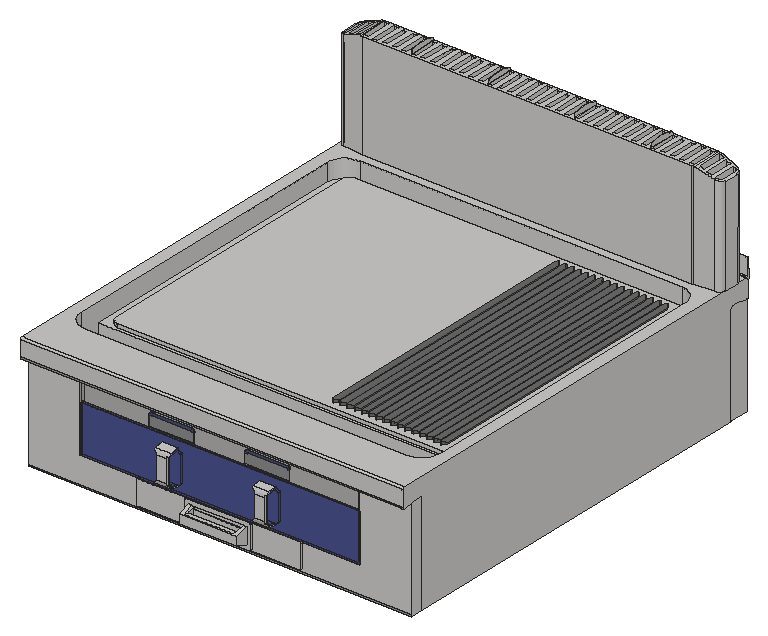
Revit family "QF_ELECTROLUXPROFESSIONAL_593325_MCHNABHOVO", category Specialty Equipment, Revit 2018
Family settings
  Round Connector Dimension = Use Diameter
  Part Type = Normal
  Work Plane-Based = No
  Always vertical = Yes
  Cut with Voids When Loaded = No
  Shared = No
  Room Calculation Point = No
Parameters (values of type "Standard")
  Weight = 120.00 kg
  Watts = 0 W
  Volts = 0 V
  URL Manufacturer = "http://professional.electrolux.com"
  URL = "http://professional.electrolux.com"
  Steam Supply Size = 0"
  Steam Supply Minimum Pressure = 0.00 psi
  Steam Supply Maximum Pressure = 0.00 psi
  Steam Pounds per Hour = 0
  Show Clearance [instance] = yes
  Refrigeration Suction Line Size = 0 mm
  Refrigeration Liquid Line Size = 0 mm
  Refrigerant Compressor Remote = yes
  Phase = 0
  Model = "MCHNABHOVO"
  Manufacturer = "Electrolux Professional"
  Length Actual = 800 mm  # constant formula
  Item Number = "593325"
  Hot Water Size = 0"
  Height Actual = 250 mm  # constant formula
  HP = "0 HP"
  Gas Size = 1/2"
  Gas KW = 20
  Gas Input Pressure = 1.63571 Btu/h
  Direct Waste Size = 0"
  Description = "GAS FRYTOP,RBD,TOWNGAS,2Z,BS,800X900X250"
  Depth Actual = 900 mm  # constant formula
  Cycle = 0 Hz
  Condensate Return Size = 0"
  Compressed Air Volume = 0 GPM
  Compressed Air Size = 0"
  Compressed Air Pressure = 0.00 psi
  Cold Water Size = 0"
  Accessory = yes
Reference planes
  plane 1 "BACK": y = 0
  plane 2: z = 0
  plane 3 "LEFT": x = 0
  plane 4 "RIGHT": x = 800
  plane 5 "FRONT": y = -900
  plane 6 "TOP": z = 250
  plane 7: x = 400
  plane 8: y = -450
  plane 9: z = 481
  plane 10: y = -1330
Forms (mm)
  Extrusion 1, solid, material "QF_Finishes_Stainless Steel"
    sketch origin (0, -487.128, 0) x (0, 1, 0) y (0, 0, 1)
      loop
        line (483.128, 250) -> (-408.872, 250)
        arc (-408.872, 250) -> (-411.7, 248.828) -> (-412.872, 246) r 4
        line (-412.872, 246) -> (-412.872, 214)
        arc (-412.872, 214) -> (-411.443, 210.936) -> (-408.177, 210.061) r 4
        line (-408.177, 210.061) -> (-391.509, 213) -> (-366.872, 213) -> (-366.872, 0) -> (441.128, 0) -> (441.128, 213) -> (465.765, 213) -> (482.433, 210.061)
        arc (482.433, 210.061) -> (485.699, 210.936) -> (487.128, 214) r 4
        line (487.128, 214) -> (487.128, 246)
        arc (487.128, 246) -> (485.956, 248.828) -> (483.128, 250) r 4
    from 0 to 800
  Extrusion 2, void
    sketch origin (653.786, 44.048, 250) x (1, 0, 0) y (0, -1, 0)
      loop
        line (-590.636, 138.048) -> (83.064, 138.048)
        arc (83.064, 138.048) -> (110.04, 149.222) -> (121.214, 176.198) r 38.15
        line (121.214, 176.198) -> (121.214, 816.572)
        arc (121.214, 816.572) -> (109.944, 843.779) -> (82.737, 855.048) r 38.476
        line (82.737, 855.048) -> (-591.786, 855.048)
        arc (-591.786, 855.048) -> (-617.949, 844.211) -> (-628.786, 818.048) r 37
        line (-628.786, 818.048) -> (-628.786, 176.198)
        arc (-628.786, 176.198) -> (-617.613, 149.222) -> (-590.636, 138.048) r 38.15
    from 0 to 37
  Extrusion 3, void
    sketch origin (1307.573, 92.096, 213) x (0, 1, 0) y (1, 0, 0)
      loop
        line (-821.846, -532.573) -> (-864.62, -532.573)
        arc (-864.62, -532.573) -> (-891.827, -543.842) -> (-903.096, -571.049) r 38.476
        line (-903.096, -571.049) -> (-903.096, -1245.573)
        arc (-903.096, -1245.573) -> (-892.259, -1271.736) -> (-866.096, -1282.573) r 37
        line (-866.096, -1282.573) -> (-821.846, -1282.573) -> (-821.846, -532.573)
    from 0 to 25.6
  Extrusion 4, void
    sketch origin (1612.573, 92.096, 187.4) x (-1, 0, 0) y (0, 1, 0)
      loop
        circle (1212.573, -862.096) r 22.248
    from 0 to 92
  Extrusion 5, solid, material "QF_Finishes_Stainless Steel"
    sketch origin (0, -854, 0) x (1, 0, 0) y (0, -1, 0)
      loop
        circle (765, -264) r 6.35
    from 0 to 3.2
  Extrusion 6, solid, material "QF_Door-Drawer Clearances", visible <- "Show Clearance", detail levels coarse
    sketch origin (437.31, -881.593, 8.62) x (0, 0, 1) y (-1, 0, 0)
      loop
        line (1.973, -134.295) -> (49.317, -134.295)
        arc (49.317, -134.295) -> (50.776, -133.691) -> (51.38, -132.232) r 2.063
        line (51.38, -132.232) -> (51.38, 206.852)
        arc (51.38, 206.852) -> (50.88, 208.549) -> (49.541, 209.705) r 3.133
        line (49.541, 209.705) -> (3.067, 209.705)
        arc (3.067, 209.705) -> (0.898, 208.807) -> (0, 206.638) r 3.067
        line (0, 206.638) -> (0, -132.322)
        arc (0, -132.322) -> (0.578, -133.717) -> (1.973, -134.295) r 1.973
    from 0 to 448.407
  Extrusion 7, solid, material "QF_Clearances", visible <- "Show Clearance", detail levels coarse
    sketch origin (-178.969, -4572, 0) x (-1, 0, 0) y (0, -1, 0)
      loop
        line (-78.969, -3672) -> (-178.969, -3672) -> (-178.969, -4572) -> (-978.969, -4572) -> (-978.969, -3672) -> (-1078.969, -3672) -> (-1078.969, -4672) -> (-78.969, -4672) -> (-78.969, -3672)
    from 0 to 250
  Extrusion 8, solid, material "QF_Finishes_Stainless Steel"
    sketch origin (0, 0, 0) x (0, 1, 0) y (0, 0, 1)
      loop
        line (-2.951, 1.994) -> (-2.951, 210.127)
        arc (-2.951, 210.127) -> (-3.795, 210.003) -> (-4.646, 210.061) r 4
        line (-4.646, 210.061) -> (-21.287, 212.994) -> (-45, 212.994) -> (-45, -0.006) -> (-4.951, -0.006)
        arc (-4.951, -0.006) -> (-3.537, 0.58) -> (-2.951, 1.994) r 2
      loop
        arc (-1.951, 252) -> (-2.537, 250.586) -> (-3.951, 250) r 2
        arc (-3.951, 250) -> (-1.172, 248.823) -> (0, 245.994) r 4
        line (0, 245.994) -> (0, 288) -> (-1.951, 288) -> (-1.951, 252)
    from 800 to 0
Cuts and joins
  Extrusion 2, Extrusion 3, Extrusion 4 cuts Extrusion 1
Lines and regions (mm)
  symbolic lines
    curve 1: line (493.666, -902.326, 0) -> (493.666, -900, 0)
    curve 2: spline (499.334, -903.73, 0) -> (498.856, -903.657, 0) -> (498.378, -903.575, 0) -> (497.901, -903.486, 0) -> (497.425, -903.389, 0) -> (496.95, -903.283, 0) -> (496.476, -903.17, 0) -> (496.004, -903.049, 0) -> (495.533, -902.92, 0) -> (495.064, -902.783, 0) -> (494.596, -902.638, 0) -> (494.13, -902.486, 0) -> (493.666, -902.326, 0)
    curve 3: line (525.881, -902.326, 0) -> (525.881, -900, 0)
    curve 4: spline (525.881, -902.326, 0) -> (525.417, -902.486, 0) -> (524.951, -902.638, 0) -> (524.483, -902.783, 0) -> (524.014, -902.92, 0) -> (523.543, -903.049, 0) -> (523.071, -903.17, 0) -> (522.597, -903.283, 0) -> (522.122, -903.389, 0) -> (521.646, -903.486, 0) -> (521.169, -903.575, 0) -> (520.691, -903.657, 0) -> (520.213, -903.73, 0)
    curve 5: line (499.334, -903.73, 0) -> (520.213, -903.73, 0)
    curve 6: line (25, -774, 0) -> (25, -132.15, 0)
    curve 7: arc (25, -132.15, 0) -> (36.174, -105.174, 0) -> (63.15, -94, 0) r 38.15
    curve 8: line (63.15, -94, 0) -> (736.85, -94, 0)
    curve 9: arc (736.85, -94, 0) -> (763.826, -105.174, 0) -> (775, -132.15, 0) r 38.15
    curve 10: line (775, -132.15, 0) -> (775, -772.524, 0)
    curve 11: arc (775, -772.524, 0) -> (763.731, -799.731, 0) -> (736.524, -811, 0) r 38.476
    curve 12: line (736.524, -811, 0) -> (62, -811, 0)
    curve 13: arc (62, -811, 0) -> (35.837, -800.163, 0) -> (25, -774, 0) r 37
    curve 14: line (775, -729.75, 0) -> (25, -729.75, 0)
    curve 15: circle (400, -770, 0) r 22.248 normal (0, 0, -1)
    curve 16: line (0, 0, 0) -> (800, 0, 0)
    curve 17: line (0, -900, 0) -> (0, 0, 0)
    curve 18: line (800, -900, 0) -> (0, -900, 0)
    curve 19: line (800, 0, 0) -> (800, -900, 0)
    curve 20: line (347.608, -908.767, 0) -> (450.042, -908.767, 0)
    curve 21: line (450.042, -908.767, 0) -> (451.588, -900, 0)
    curve 22: line (347.608, -908.767, 0) -> (346.062, -900, 0)
    curve 29: line (0, -1.951, 0) -> (800, -1.951, 0)
  symbolic lines, style "QF_Door-Drawer Clearances"
    curve 23: line (227.605, -1330, 0) -> (227.605, -900, 0)
    curve 24: line (227.605, -1330, 0) -> (571.605, -1330, 0)
    curve 25: line (571.605, -1330, 0) -> (571.605, -900, 0)
  symbolic lines, style "QF_Clearances", visible <- "Show Clearance", detail levels coarse
    curve 26: line (-100, 100, 0) -> (-100, -900, 0)
    curve 27: line (900, 100, 0) -> (-100, 100, 0)
    curve 28: line (900, -900, 0) -> (900, 100, 0)
Dimensions and locks
  plane 3 "LEFT" to plane 4 "RIGHT" = 800 mm
  plane 5 "FRONT" to plane 1 "BACK" = 900 mm
  equal spacing: plane 3 "LEFT", plane 7, plane 4 "RIGHT"
  equal spacing: plane 5 "FRONT", plane 8, plane 1 "BACK"
  plane 6 "TOP" to level = 250 mm  (x2)
  plane 1 "BACK" to plane 5 "FRONT" = 900 mm
  Extrusion 5 sketch curve to plane 1 "BACK" = 590 mm
  Extrusion 5 sketch curve to plane 4 "RIGHT" = 35 mm
  plane 5 "FRONT" to plane 10 = 430 mm
  plane 9 to plane 6 "TOP" = 231 mm
  plane 9 to level = 481 mm
  Extrusion 7 to plane 3 "LEFT" = 100 mm
  plane 4 "RIGHT" to Extrusion 7 = 100 mm
  plane 1 "BACK" to Extrusion 7 = 100 mm
  aligned and locked: level to plane 2
  aligned and locked: Extrusion 6 to plane 10
  aligned and locked: plane 6 "TOP" to Extrusion 7
  aligned and locked: cut or joined group of Extrusion 1, Extrusion 2, Extrusion 3, Extrusion 4 to plane 4 "RIGHT"
  aligned and locked: plane 7 to nested 1
  aligned and locked: plane 7 to nested 2
  aligned and locked: Extrusion 8 to plane 4 "RIGHT"
  aligned and locked: plane 7 to nested 3
Automatic sketch dimensions
  Extrusion 1 to Extrusion 2 sketch curve = 90 mm
  Extrusion 1 to Extrusion 2 sketch curve = 122 mm
  Extrusion 1 to Extrusion 2 sketch curve = 25 mm
  Extrusion 2 sketch curve to Extrusion 2 sketch curve = 38.15 mm  (x2)
  Extrusion 1 to Extrusion 2 sketch curve = 123.476 mm
  Extrusion 1 to Extrusion 2 sketch curve = 85 mm
  Extrusion 2 sketch curve to Extrusion 2 sketch curve = 674.524 mm
  Extrusion 1 sketch curve to plane 5 "FRONT" = 0 mm
  Extrusion 1 sketch curve to plane 6 "TOP" = 0 mm
  Extrusion 1 sketch curve to level = 0 mm
  Extrusion 1 sketch curve to plane 1 "BACK" = 0 mm
  Extrusion 1 sketch curve to plane 6 "TOP" = 37 mm  (x2)
  Extrusion 1 sketch curve to plane 5 "FRONT" = 4 mm
  Extrusion 1 sketch curve to plane 5 "FRONT" = 21.363 mm
  Extrusion 1 sketch curve to plane 5 "FRONT" = 46 mm
  plane 1 "BACK" to Extrusion 1 sketch curve = 21.363 mm
  plane 1 "BACK" to Extrusion 1 sketch curve = 4 mm  (x2)
  Extrusion 1 sketch curve to Extrusion 1 sketch curve = 4 mm
  Extrusion 1 sketch curve to Extrusion 1 sketch curve = 0.695 mm
  Extrusion 1 sketch curve to Extrusion 1 sketch curve = 0 mm  (x4)
  plane 1 "BACK" to Extrusion 1 sketch curve = 4.695 mm
  Extrusion 1 sketch curve to Extrusion 1 sketch curve = 1 mm  (x2)
  plane 1 "BACK" to Extrusion 1 sketch curve = 46 mm
  Extrusion 3 sketch curve to Extrusion 2 = 81.25 mm
  Extrusion 2 to Extrusion 3 sketch curve = 0 mm  (x2)
  Extrusion 3 sketch curve to Extrusion 3 sketch curve = 37 mm
  Extrusion 3 sketch curve to Extrusion 3 sketch curve = 674.524 mm
  Extrusion 3 sketch curve to Extrusion 2 = 38.476 mm
  Extrusion 4 sketch curve to Extrusion 3 = 41 mm
  Extrusion 4 sketch curve to Extrusion 3 = 375 mm
  plane 1 "BACK" to Extrusion 7 sketch curve = 0 mm
  plane 5 "FRONT" to Extrusion 7 sketch curve = 0 mm  (x2)
  Extrusion 7 sketch curve to plane 4 "RIGHT" = 100 mm
  Extrusion 7 sketch curve to plane 1 "BACK" = 100 mm
  Extrusion 7 sketch curve to plane 3 "LEFT" = 100 mm
  Extrusion 7 sketch curve to plane 3 "LEFT" = 0 mm
  Extrusion 7 sketch curve to plane 4 "RIGHT" = 0 mm
  level to Extrusion 6 sketch curve = 8.62 mm
  level to Extrusion 6 sketch curve = 57.937 mm
  plane 7 to Extrusion 6 sketch curve = 171.605 mm
  Extrusion 6 sketch curve to Extrusion 6 sketch curve = 1.973 mm
  Extrusion 6 sketch curve to Extrusion 6 sketch curve = 3.067 mm
  Extrusion 6 sketch curve to Extrusion 6 sketch curve = 46.474 mm
  Extrusion 6 sketch curve to Extrusion 6 sketch curve = 2.063 mm
  Extrusion 6 sketch curve to Extrusion 6 sketch curve = 3.133 mm
  Extrusion 6 sketch curve to plane 7 = 169.328 mm
  Extrusion 8 sketch curve to plane 1 "BACK" = 0 mm  (x2)
  Extrusion 8 sketch curve to level = 0.006 mm
  Extrusion 8 sketch curve to plane 6 "TOP" = 0 mm
  Extrusion 8 sketch curve to Extrusion 8 sketch curve = 1.951 mm
  plane 1 "BACK" to Extrusion 8 sketch curve = 2.951 mm
  Extrusion 8 sketch curve to Extrusion 8 sketch curve = 2 mm  (x2)
  Extrusion 8 sketch curve to Extrusion 8 sketch curve = 18.335 mm
  Extrusion 8 sketch curve to Extrusion 8 sketch curve = 40.049 mm
  Extrusion 8 sketch curve to Extrusion 8 sketch curve = 1.695 mm
  Extrusion 8 sketch curve to Extrusion 8 sketch curve = 0 mm  (x3)
  Extrusion 8 sketch curve to Extrusion 8 sketch curve = 4 mm
  plane 1 "BACK" to Extrusion 8 sketch curve = 3.951 mm
  Extrusion 8 sketch curve to plane 6 "TOP" = 39.873 mm
  Extrusion 8 sketch curve to plane 6 "TOP" = 37.006 mm
  Extrusion 8 sketch curve to Extrusion 8 sketch curve = 36 mm
  Extrusion 8 sketch curve to Extrusion 8 sketch curve = 0.066 mm
  Extrusion 8 sketch curve to plane 6 "TOP" = 4.006 mm
  plane 1 "BACK" to curve 16 = 0 mm
  curve 25 to plane 10 = 0 mm
  curve 17 to plane 3 "LEFT" = 0 mm
  plane 5 "FRONT" to curve 18 = 0 mm
  plane 5 "FRONT" to curve 28 = 0 mm
  curve 29 to plane 4 "RIGHT" = 0 mm
  curve 15 to plane 7 = 0 mm
  plane 5 "FRONT" to curve 26 = 0 mm
  curve 27 to plane 4 "RIGHT" = 100 mm
  plane 4 "RIGHT" to curve 10 = 25 mm
  curve 10 to curve 12 = 38.476 mm
  plane 7 to curve 25 = 171.605 mm
  plane 5 "FRONT" to curve 3 = 2.326 mm
  curve 25 to curve 3 = 45.724 mm
  plane 5 "FRONT" to curve 5 = 3.73 mm
  curve 4 to curve 5 = 5.669 mm
  curve 5 to curve 5 = 20.878 mm
  plane 5 "FRONT" to curve 1 = 2.326 mm
  curve 2 to curve 1 = 5.669 mm
  plane 5 "FRONT" to curve 21 = 8.767 mm
  curve 2 to curve 21 = 43.623 mm
  curve 22 to plane 7 = 52.392 mm
  curve 23 to plane 7 = 172.395 mm
  plane 3 "LEFT" to curve 12 = 62 mm
  plane 3 "LEFT" to curve 6 = 25 mm
  curve 27 to plane 3 "LEFT" = 100 mm
  curve 3 to curve 4 = 9.839 mm
  plane 5 "FRONT" to curve 2 = 4.032 mm
  curve 2 to curve 5 = 4.17 mm
  curve 21 to curve 20 = 1.546 mm
  curve 20 to curve 22 = 1.546 mm
  curve 26 to plane 1 "BACK" = 100 mm
  plane 1 "BACK" to curve 8 = 94 mm
  plane 1 "BACK" to curve 29 = 1.951 mm
  curve 15 to plane 5 "FRONT" = 130 mm
  curve 2 to curve 4 = 0 mm
  plane 4 "RIGHT" to curve 8 = 63.15 mm
  plane 1 "BACK" to curve 6 = 132.15 mm
  curve 10 to plane 5 "FRONT" = 127.476 mm
  curve 14 to curve 13 = 44.25 mm
  radius of Extrusion 4 sketch curve = 22.248 mm
  radius of Extrusion 5 sketch curve = 6.35 mm
  radius of curve 15 = 22.248 mm
Nested families
  nested 1: "GG_900_800 Front Panel with Center Grease Trap" at (0, -854, -650), type "GG_900_800 Front Panel with Center Grease Trap"
  nested 2: "GG_900_Backsplash for 800 fryer" at (388.888, -5, -635.571), type "GG_900_Backsplash for 800 fryer"
  nested 3: "GG_900_800 mm Half Grate" at (400, -411.875, -675), type "GG_900_800 mm Half Grate"
Connectors
  piping at (765, -590, -3.2), diameter 12.8
    settings: on Extrusion 5, index 1, connector inside diameter 0.50394", connector length 0 mm, flow factor 0, pipe flow 0 GPM, pressure drop 0.00 psi, fitting loss kfactor 0, connector angle 0.00°, fixture units 0, engagement length 0 mm, angle of deflection 0.00°, flow configuration 1, flow direction 1, fitting loss method 0, system type 7, joint type 0, gender type 0, connector reference index -1, connector utility 0, adjustable connector no, is connector primary yes, connector description "GAS CONNECTION"
Definition of nested family "GG_900_800 Front Panel with Center Grease Trap"
  Reference planes
    plane 1 "Center (Front/Back)": y = 0
    plane 2: z = 0
    plane 3 "Center (Left/Right)": x = 0
    plane 4: y = -26.492
    plane 5: x = 400
    plane 6: x = 522.091
    plane 7: x = 319.468
  Forms (mm)
    Extrusion 1, solid
      sketch origin (1033.217, 829.203, -1.25) x (0, 1, 0) y (0, 0, 1)
        loop
          arc (-854.203, 654.25) -> (-853.324, 652.129) -> (-851.203, 651.25) r 3
          line (-851.203, 651.25) -> (-829.203, 651.25) -> (-829.203, 864.25) -> (-854.203, 864.25) -> (-854.203, 654.25)
      from -1033.217 to -233.217
    Extrusion 2, void
      sketch origin (1033.217, 829.203, -1.25) x (1, 0, 0) y (0, 0, 1)
        loop
          line (-341.217, 853.25) -> (-925.217, 853.25) -> (-925.217, 711.25) -> (-341.217, 711.25) -> (-341.217, 853.25)
      from 843.409 to 854.203
  Cuts and joins
    Extrusion 2 cuts Extrusion 1
  Dimensions and locks
    cut or joined group of Extrusion 1, Extrusion 2 to cut or joined group of Extrusion 1, Extrusion 2 = 108 mm
    nested 2 to plane 3 "Center (Left/Right)" = 108 mm
    nested 2 to plane 3 "Center (Left/Right)" = 252.97 mm
    cut or joined group of Extrusion 1, Extrusion 2 to nested 2 = 253.275 mm
    cut or joined group of Extrusion 1, Extrusion 2 to nested 4 = 297.909 mm
    nested 3 to plane 3 "Center (Left/Right)" = 298.218 mm
    aligned and locked: nested 1 to nested 2
  Nested families
    nested 1: "grease trap door" at (467.599, -25, 0.608) x (-1, 0, 0) z (0, 0, 1), type "grease trap door"
    nested 2: "Long Glass Control Panel w-Two Reads" at (108, -25, 5.811), type "Long Glass Control Panel w-Two Reads"
    nested 3: "Range Control Handle" at (298.218, -28.137, -207.75), type "Range Control Handle"
    nested 4: "Range Control Handle" at (502.091, -28.137, -207.75), type "Range Control Handle"
  Definition of nested family "grease trap door"
    Reference planes
      plane 1 "Center (Front/Back)": y = 0
      plane 2: z = 0
      plane 3 "Center (Left/Right)": x = 0
    Forms (mm)
      Extrusion 1, solid
        sketch origin (1627.55, 854.203, -1.25) x (1, 0, 0) y (0, 0, 1)
          loop
            arc (-1627.55, 661.235) -> (-1626.972, 659.84) -> (-1625.577, 659.262) r 1.973
            line (-1625.577, 659.262) -> (-1494.325, 659.262)
            arc (-1494.325, 659.262) -> (-1492.156, 660.16) -> (-1491.258, 662.329) r 3.067
            line (-1491.258, 662.329) -> (-1491.258, 708.803)
            arc (-1491.258, 708.803) -> (-1492.414, 710.143) -> (-1494.111, 710.642) r 3.133
            line (-1494.111, 710.642) -> (-1625.486, 710.642)
            arc (-1625.486, 710.642) -> (-1626.945, 710.038) -> (-1627.55, 708.579) r 2.063
            line (-1627.55, 708.579) -> (-1627.55, 661.235)
        from 856.795 to 859.203
      Extrusion 2, solid
        sketch origin (445.874, 2476.61, 0) x (0, 1, 0) y (0, 0, 1)
          loop
            line (-2506.377, 675.273) -> (-2481.61, 667.505) -> (-2481.61, 700.995) -> (-2506.377, 693.227) -> (-2506.377, 675.273)
        from -437.68 to -317.68
      Extrusion 3, void
        sketch origin (1627.55, 854.203, -1.25) x (1, 0, 0) y (0, 0, 1)
          loop
            line (-1614.883, 703) -> (-1610.542, 695.433) -> (-1508.17, 695.433) -> (-1503.828, 703) -> (-1614.883, 703)
          loop
            line (-1614.883, 668) -> (-1502.669, 668) -> (-1507.01, 675.567) -> (-1610.542, 675.567) -> (-1614.883, 668)
        from 832.916 to 883.97
      Extrusion 4, void
        sketch origin (447.55, 854.203, -1.25) x (1, 0, 0) y (0, 0, 1)
          loop
            line (-430.542, 695.433) -> (-430.542, 675.567) -> (-328.17, 675.567) -> (-328.17, 695.433) -> (-430.542, 695.433)
        from 859.203 to 874.202
      Extrusion 5, solid
        sketch origin (1627.55, 854.203, -1.25) x (1, 0, 0) y (0, 0, 1)
          loop
            arc (-1731.556, 661.235) -> (-1730.978, 659.84) -> (-1729.583, 659.262) r 1.973
            line (-1729.583, 659.262) -> (-1390.623, 659.262)
            arc (-1390.623, 659.262) -> (-1388.454, 660.16) -> (-1387.556, 662.329) r 3.067
            line (-1387.556, 662.329) -> (-1387.556, 708.803)
            arc (-1387.556, 708.803) -> (-1388.712, 710.143) -> (-1390.409, 710.642) r 3.133
            line (-1390.409, 710.642) -> (-1729.493, 710.642)
            arc (-1729.493, 710.642) -> (-1730.952, 710.038) -> (-1731.556, 708.579) r 2.063
            line (-1731.556, 708.579) -> (-1731.556, 661.235)
        from 854.203 to 856.795
    Cuts and joins
      Extrusion 3 cuts Extrusion 1
      Extrusion 3, Extrusion 4 cuts Extrusion 2
      joined: Extrusion 1, Extrusion 2
    Lines and regions (mm)
      symbolic lines
        curve 1: line (0, -2.593, 0) -> (136.292, -2.593, 0)
        curve 2: line (17.557, -29.767, 0) -> (12.667, -2.593, 0)
        curve 3: line (17.557, -29.767, 0) -> (119.991, -29.767, 0)
        curve 4: line (119.991, -29.767, 0) -> (124.881, -2.593, 0)
        curve 5: line (68.146, -2.593, 0) -> (68.146, -29.767, 0)
      model lines
        curve 6: line (67.599, 0, 658.012) -> (67.599, 0, 709.392)
    Dimensions and locks
      aligned and locked: Extrusion 2 to Extrusion 1
      aligned and locked: Extrusion 3 to Extrusion 2
      aligned and locked: Extrusion 4 to Extrusion 1
  Definition of nested family "Long Glass Control Panel w-Two Reads"
    Reference planes
      plane 1 "Center (Front/Back)": y = 0
      plane 2: z = 0
      plane 3 "Center (Left/Right)": x = 0
      plane 4: x = 584
      plane 5: x = 581.091
      plane 6: x = 350
      plane 7: x = 233.749
      plane 8 "Top": z = 846.189
      plane 9 "Center": x = 292
    Forms (mm)
      Extrusion 1, solid
        sketch origin (550.286, 304.8, -4.308) x (1, 0, 0) y (0, 0, 1)
          loop
            line (-550.286, 806.791) -> (-550.286, 708.497) -> (33.714, 708.497) -> (33.714, 806.791) -> (-550.286, 806.791)
        from 300.031 to 304.8
      Extrusion 2, solid
        sketch origin (550.286, 304.8, -4.308) x (1, 0, 0) y (0, 0, 1)
          loop
            line (-550.286, 850.497) -> (-550.286, 806.791) -> (33.714, 806.791) -> (33.714, 850.497) -> (-550.286, 850.497)
        from 300.031 to 304.8
      Extrusion 3, solid
        sketch origin (550.286, 305.901, -4.308) x (1, 0, 0) y (0, 0, 1)
          loop
            line (-311.561, 812.62) -> (-311.561, 834.177) -> (-316.37, 834.177) -> (-318.169, 835.977) -> (-398.599, 835.977) -> (-400.399, 834.177) -> (-405.316, 834.177) -> (-405.316, 812.62) -> (-311.561, 812.62)
          loop
            line (-111.561, 812.62) -> (-111.561, 834.177) -> (-116.37, 834.177) -> (-118.169, 835.977) -> (-198.599, 835.977) -> (-200.399, 834.177) -> (-205.316, 834.177) -> (-205.316, 812.62) -> (-111.561, 812.62)
        from 304.798 to 306.745
      Extrusion 4, solid
        sketch origin (550.286, 305.901, -4.308) x (1, 0, 0) y (0, 0, 1)
          loop
            line (-318.121, 835.977) -> (-316.321, 834.177) -> (-311.611, 834.177)
            arc (-311.611, 834.177) -> (-312.787, 838.752) -> (-317.062, 840.763) r 5.549
            line (-317.062, 840.763) -> (-399.768, 840.763)
            arc (-399.768, 840.763) -> (-404.024, 838.747) -> (-405.16, 834.177) r 5.5
            line (-405.16, 834.177) -> (-400.351, 834.177) -> (-398.551, 835.977) -> (-318.121, 835.977)
          loop
            line (-200.222, 834.177) -> (-198.422, 835.977) -> (-117.993, 835.977) -> (-116.193, 834.177) -> (-111.482, 834.177)
            arc (-111.482, 834.177) -> (-112.659, 838.752) -> (-116.934, 840.763) r 5.549
            line (-116.934, 840.763) -> (-199.639, 840.763)
            arc (-199.639, 840.763) -> (-203.895, 838.747) -> (-205.031, 834.177) r 5.5
            line (-205.031, 834.177) -> (-200.222, 834.177)
        from 304.798 to 306.745
      Extrusion 5, void
        sketch origin (550.286, 304.8, -4.308) x (1, 0, 0) y (0, 0, 1)
          loop
            line (-547.628, 847.565) -> (-547.628, 710.699) -> (30.804, 710.699) -> (30.804, 847.565) -> (-547.628, 847.565)
        from 303.697 to 304.8
    Cuts and joins
      Extrusion 5 cuts Extrusion 1
      Extrusion 5 cuts Extrusion 2
      Extrusion 5 cuts Extrusion 3
      Extrusion 5 cuts Extrusion 4
    Lines and regions (mm)
      symbolic lines
        curve 1: line (0, 4.769, 0) -> (584, 4.769, 0)
    Dimensions and locks
      plane 4 to plane 3 "Center (Left/Right)" = 584 mm
      locked: plane 4 to plane 5 at 2.909
      plane 4 to plane 6 = 234 mm
      plane 7 to plane 3 "Center (Left/Right)" = 233.749 mm
      aligned and locked: Extrusion 1 to Extrusion 2
      aligned and locked: Extrusion 3 to Extrusion 4
  Definition of nested family "Range Control Handle"
    Reference planes
      plane 1 "Center (Front/Back)": y = 0
      plane 2: z = 0
      plane 3 "Center (Left/Right)": x = 0
      plane 4: z = 971.092
    Forms (mm)
      Extrusion 1, solid
        sketch origin (-746.28, 380.497, 208.931) x (-1, 0, 0) y (0, 0, 1)
          loop
            line (-770.101, 786.798) -> (-770.101, 731.649)
            arc (-770.101, 731.649) -> (-769.759, 730.563) -> (-768.855, 729.87) r 1.893
            line (-768.855, 729.87) -> (-763.474, 727.911) -> (-729.81, 727.911) -> (-724.428, 729.87)
            arc (-724.428, 729.87) -> (-723.525, 730.563) -> (-723.183, 731.649) r 1.893
            line (-723.183, 731.649) -> (-723.183, 786.798)
            arc (-723.183, 786.798) -> (-723.529, 787.894) -> (-724.44, 788.593) r 1.91
            line (-724.44, 788.593) -> (-729.683, 790.819) -> (-763.601, 790.819) -> (-768.844, 788.593)
            arc (-768.844, 788.593) -> (-769.755, 787.894) -> (-770.101, 786.798) r 1.91
        from -382.35 to -378.852
      Sweep 2, solid
        path origin (-746.788, 380.496, 208.091) x (0, -1, 0) y (0, 0, 1)
          loop
            line (379.775, 793.281) -> (395.661, 791.048)
            arc (395.661, 791.048) -> (397.781, 787.377) -> (398.517, 783.202) r 12.207
            line (398.517, 783.202) -> (398.517, 737.368)
            arc (398.517, 737.368) -> (397.781, 733.193) -> (395.661, 729.522) r 12.207
            line (395.661, 729.522) -> (379.775, 727.289)
        profile origin (-746.788, -7.222, 1000.256) x (0, -0.139173, 0.990268) y (-1, 0, 0)
          loop
            line (0.782, -763.123) -> (0.782, -730.907) -> (-1.322, -730.907) -> (-1.322, -763.123) -> (0.782, -763.123)
      Sweep 3, solid
        path origin (-746.788, 380.715, 207.832) x (0, -1, 0) y (0, 0, 1)
          loop
            line (380.478, 795.442) -> (397.218, 793.09)
            arc (397.218, 793.09) -> (399.929, 788.473) -> (400.871, 783.202) r 15.207
            line (400.871, 783.202) -> (400.871, 737.584)
            arc (400.871, 737.584) -> (399.914, 732.274) -> (397.164, 727.633) r 15.207
            line (397.164, 727.633) -> (380.601, 725.305)
        profile origin (-746.788, -8.132, 1002.099) x (0, -0.139173, 0.990268) y (-1, 0, 0)
          loop
            line (0.782, -763.123) -> (0.782, -730.907) -> (-1.322, -730.907) -> (-1.322, -763.123) -> (0.782, -763.123)
      Extrusion 4, void
        sketch origin (889.253, 220.666, 207.993) x (1, 0, 0) y (0, 0, 1)
          loop
            line (-943.038, 816.854) -> (-943.038, 703.686) -> (-899.466, 734.196) -> (-899.466, 786.344) -> (-943.038, 816.854)
        from 230.636 to 242.25
      Extrusion 5, void
        sketch origin (-888.8, 220.666, 207.993) x (-1, 0, 0) y (0, 0, -1)
          loop
            line (-943.038, -816.854) -> (-899.466, -786.344) -> (-899.466, -734.196) -> (-943.038, -703.686) -> (-943.038, -816.854)
        from 230.636 to 242.25
      Extrusion 6, solid
        sketch origin (0, 0, 0) x (1, 0, 0) y (0, 0, 1)
          loop
            circle (0, 971.092) r 7.736
        from -3.137 to -1.645
    Cuts and joins
      Extrusion 4, Extrusion 5 cuts Sweep 3
      Extrusion 4, Extrusion 5 cuts Sweep 2
      joined: Extrusion 1, Extrusion 6
    Lines and regions (mm)
      symbolic lines
        curve 1: line (23.821, 1.645, 0) -> (-23.097, 1.645, 0)
        curve 2: line (16.334, -1.853, 0) -> (23.821, -1.853, 0)
        curve 3: line (-15.881, -19.189, 0) -> (-15.881, -1.853, 0)
        curve 4: line (-23.097, -1.853, 0) -> (-15.881, -1.853, 0)
        curve 5: line (16.334, -19.189, 0) -> (16.334, -1.853, 0)
        curve 6: spline (-15.881, -19.189, 0) -> (-15.417, -19.349, 0) -> (-14.951, -19.501, 0) -> (-14.483, -19.646, 0) -> (-14.014, -19.783, 0) -> (-13.543, -19.912, 0) -> (-13.071, -20.033, 0) -> (-12.597, -20.146, 0) -> (-12.122, -20.251, 0) -> (-11.646, -20.349, 0) -> (-11.169, -20.438, 0) -> (-10.691, -20.52, 0) -> (-10.213, -20.593, 0)
        curve 7: spline (10.666, -20.593, 0) -> (11.144, -20.52, 0) -> (11.622, -20.438, 0) -> (12.099, -20.349, 0) -> (12.575, -20.251, 0) -> (13.05, -20.146, 0) -> (13.524, -20.033, 0) -> (13.996, -19.912, 0) -> (14.467, -19.783, 0) -> (14.936, -19.646, 0) -> (15.404, -19.501, 0) -> (15.87, -19.349, 0) -> (16.334, -19.189, 0)
        curve 8: line (-10.213, -20.938, 0) -> (10.716, -20.938, 0)
        curve 9: line (-23.097, 1.645, 0) -> (-23.097, -1.853, 0)
        curve 10: line (23.821, 1.645, 0) -> (23.821, -1.853, 0)
Definition of nested family "GG_900_Backsplash for 800 fryer"
  Reference planes
    plane 1 "Center (Front/Back)": y = 0
    plane 2: z = 0
    plane 3 "Center (Left/Right)": x = 11.112
    plane 4: x = -388.888
    plane 5: x = 411.112
    plane 6: y = -37.994
  Forms (mm)
    Extrusion 1, solid
      sketch origin (3208.371, -22.924, -275.679) x (1, 0, 0) y (0, 0, 1)
        loop
          line (-3597.259, 1365.162) -> (-3597.259, 1161.25) -> (-2797.259, 1161.25) -> (-2797.259, 1364.934) -> (-2841.553, 1381.055)
          arc (-2841.553, 1381.055) -> (-2844.994, 1381.949) -> (-2848.536, 1382.25) r 21
          line (-2848.536, 1382.25) -> (-3546.608, 1382.25)
          arc (-3546.608, 1382.25) -> (-3550.146, 1381.95) -> (-3553.582, 1381.058) r 21
          line (-3553.582, 1381.058) -> (-3597.259, 1365.162)
      from -17.885 to 48.024
    Extrusion 2, void
      sketch origin (3108.387, -925.98, -226.348) x (1, 0, 0) y (0, 1, 0)
        loop
          line (-3444.887, 915.362) -> (-3444.887, 861.502) -> (-3434.887, 861.502) -> (-3434.887, 915.362) -> (-3444.887, 915.362)
      from 1111.919 to 1332.919
    Extrusion 3, void
      sketch origin (3789.012, -925.98, -226.348) x (1, 0, 0) y (0, 1, 0)
        loop
          line (-3444.887, 915.362) -> (-3444.887, 861.502) -> (-3434.887, 861.502) -> (-3434.887, 915.362) -> (-3444.887, 915.362)
      from 1111.919 to 1332.919
    Extrusion 4, void
      sketch origin (3128.405, -925.98, -226.348) x (1, 0, 0) y (0, 1, 0)
        loop
          line (-3444.887, 915.362) -> (-3444.887, 861.502) -> (-3434.887, 861.502) -> (-3434.887, 915.362) -> (-3444.887, 915.362)
      from 1111.919 to 1332.919
    Extrusion 5, void
      sketch origin (3148.424, -925.98, -226.348) x (1, 0, 0) y (0, 1, 0)
        loop
          line (-3444.887, 915.362) -> (-3444.887, 861.502) -> (-3434.887, 861.502) -> (-3434.887, 915.362) -> (-3444.887, 915.362)
      from 1111.919 to 1332.919
    Extrusion 6, void
      sketch origin (3168.442, -925.98, -226.348) x (1, 0, 0) y (0, 1, 0)
        loop
          line (-3444.887, 915.362) -> (-3444.887, 861.502) -> (-3434.887, 861.502) -> (-3434.887, 915.362) -> (-3444.887, 915.362)
      from 1111.919 to 1332.919
    Extrusion 7, void
      sketch origin (3188.46, -925.98, -226.348) x (1, 0, 0) y (0, 1, 0)
        loop
          line (-3444.887, 915.362) -> (-3444.887, 861.502) -> (-3434.887, 861.502) -> (-3434.887, 915.362) -> (-3444.887, 915.362)
      from 1111.919 to 1332.919
    Extrusion 8, void
      sketch origin (3208.479, -925.98, -226.348) x (1, 0, 0) y (0, 1, 0)
        loop
          line (-3444.887, 915.362) -> (-3444.887, 861.502) -> (-3434.887, 861.502) -> (-3434.887, 915.362) -> (-3444.887, 915.362)
      from 1111.919 to 1332.919
    Extrusion 9, void
      sketch origin (3228.497, -925.98, -226.348) x (1, 0, 0) y (0, 1, 0)
        loop
          line (-3444.887, 915.362) -> (-3444.887, 861.502) -> (-3434.887, 861.502) -> (-3434.887, 915.362) -> (-3444.887, 915.362)
      from 1111.919 to 1332.919
    Extrusion 10, void
      sketch origin (3248.516, -925.98, -226.348) x (1, 0, 0) y (0, 1, 0)
        loop
          line (-3444.887, 915.362) -> (-3444.887, 861.502) -> (-3434.887, 861.502) -> (-3434.887, 915.362) -> (-3444.887, 915.362)
      from 1111.919 to 1332.919
    Extrusion 11, void
      sketch origin (3268.534, -925.98, -226.348) x (1, 0, 0) y (0, 1, 0)
        loop
          line (-3444.887, 915.362) -> (-3444.887, 861.502) -> (-3434.887, 861.502) -> (-3434.887, 915.362) -> (-3444.887, 915.362)
      from 1111.919 to 1332.919
    Extrusion 12, void
      sketch origin (3288.552, -925.98, -226.348) x (1, 0, 0) y (0, 1, 0)
        loop
          line (-3444.887, 915.362) -> (-3444.887, 861.502) -> (-3434.887, 861.502) -> (-3434.887, 915.362) -> (-3444.887, 915.362)
      from 1111.919 to 1332.919
    Extrusion 13, void
      sketch origin (3308.571, -925.98, -226.348) x (1, 0, 0) y (0, 1, 0)
        loop
          line (-3444.887, 915.362) -> (-3444.887, 861.502) -> (-3434.887, 861.502) -> (-3434.887, 915.362) -> (-3444.887, 915.362)
      from 1111.919 to 1332.919
    Extrusion 14, void
      sketch origin (3328.589, -925.98, -226.348) x (1, 0, 0) y (0, 1, 0)
        loop
          line (-3444.887, 915.362) -> (-3444.887, 861.502) -> (-3434.887, 861.502) -> (-3434.887, 915.362) -> (-3444.887, 915.362)
      from 1111.919 to 1332.919
    Extrusion 15, void
      sketch origin (3348.607, -925.98, -226.348) x (1, 0, 0) y (0, 1, 0)
        loop
          line (-3444.887, 915.362) -> (-3444.887, 861.502) -> (-3434.887, 861.502) -> (-3434.887, 915.362) -> (-3444.887, 915.362)
      from 1111.919 to 1332.919
    Extrusion 16, void
      sketch origin (3368.626, -925.98, -226.348) x (1, 0, 0) y (0, 1, 0)
        loop
          line (-3444.887, 915.362) -> (-3444.887, 861.502) -> (-3434.887, 861.502) -> (-3434.887, 915.362) -> (-3444.887, 915.362)
      from 1111.919 to 1332.919
    Extrusion 17, void
      sketch origin (3388.644, -925.98, -226.348) x (1, 0, 0) y (0, 1, 0)
        loop
          line (-3444.887, 915.362) -> (-3444.887, 861.502) -> (-3434.887, 861.502) -> (-3434.887, 915.362) -> (-3444.887, 915.362)
      from 1111.919 to 1332.919
    Extrusion 18, void
      sketch origin (3408.663, -925.98, -226.348) x (1, 0, 0) y (0, 1, 0)
        loop
          line (-3444.887, 915.362) -> (-3444.887, 861.502) -> (-3434.887, 861.502) -> (-3434.887, 915.362) -> (-3444.887, 915.362)
      from 1111.919 to 1332.919
    Extrusion 19, void
      sketch origin (3428.681, -925.98, -226.348) x (1, 0, 0) y (0, 1, 0)
        loop
          line (-3444.887, 915.362) -> (-3444.887, 861.502) -> (-3434.887, 861.502) -> (-3434.887, 915.362) -> (-3444.887, 915.362)
      from 1111.919 to 1332.919
    Extrusion 20, void
      sketch origin (3448.699, -925.98, -226.348) x (1, 0, 0) y (0, 1, 0)
        loop
          line (-3444.887, 915.362) -> (-3444.887, 861.502) -> (-3434.887, 861.502) -> (-3434.887, 915.362) -> (-3444.887, 915.362)
      from 1111.919 to 1332.919
    Extrusion 21, void
      sketch origin (3468.718, -925.98, -226.348) x (1, 0, 0) y (0, 1, 0)
        loop
          line (-3444.887, 915.362) -> (-3444.887, 861.502) -> (-3434.887, 861.502) -> (-3434.887, 915.362) -> (-3444.887, 915.362)
      from 1111.919 to 1332.919
    Extrusion 22, void
      sketch origin (3488.736, -925.98, -226.348) x (1, 0, 0) y (0, 1, 0)
        loop
          line (-3444.887, 915.362) -> (-3444.887, 861.502) -> (-3434.887, 861.502) -> (-3434.887, 915.362) -> (-3444.887, 915.362)
      from 1111.919 to 1332.919
    Extrusion 23, void
      sketch origin (3508.755, -925.98, -226.348) x (1, 0, 0) y (0, 1, 0)
        loop
          line (-3444.887, 915.362) -> (-3444.887, 861.502) -> (-3434.887, 861.502) -> (-3434.887, 915.362) -> (-3444.887, 915.362)
      from 1111.919 to 1332.919
    Extrusion 24, void
      sketch origin (3528.773, -925.98, -226.348) x (1, 0, 0) y (0, 1, 0)
        loop
          line (-3444.887, 915.362) -> (-3444.887, 861.502) -> (-3434.887, 861.502) -> (-3434.887, 915.362) -> (-3444.887, 915.362)
      from 1111.919 to 1332.919
    Extrusion 25, void
      sketch origin (3548.791, -925.98, -226.348) x (1, 0, 0) y (0, 1, 0)
        loop
          line (-3444.887, 915.362) -> (-3444.887, 861.502) -> (-3434.887, 861.502) -> (-3434.887, 915.362) -> (-3444.887, 915.362)
      from 1111.919 to 1332.919
    Extrusion 26, void
      sketch origin (3568.81, -925.98, -226.348) x (1, 0, 0) y (0, 1, 0)
        loop
          line (-3444.887, 915.362) -> (-3444.887, 861.502) -> (-3434.887, 861.502) -> (-3434.887, 915.362) -> (-3444.887, 915.362)
      from 1111.919 to 1332.919
    Extrusion 27, void
      sketch origin (3588.828, -925.98, -226.348) x (1, 0, 0) y (0, 1, 0)
        loop
          line (-3444.887, 915.362) -> (-3444.887, 861.502) -> (-3434.887, 861.502) -> (-3434.887, 915.362) -> (-3444.887, 915.362)
      from 1111.919 to 1332.919
    Extrusion 28, void
      sketch origin (3608.846, -925.98, -226.348) x (1, 0, 0) y (0, 1, 0)
        loop
          line (-3444.887, 915.362) -> (-3444.887, 861.502) -> (-3434.887, 861.502) -> (-3434.887, 915.362) -> (-3444.887, 915.362)
      from 1111.919 to 1332.919
    Extrusion 29, void
      sketch origin (3628.865, -925.98, -226.348) x (1, 0, 0) y (0, 1, 0)
        loop
          line (-3444.887, 915.362) -> (-3444.887, 861.502) -> (-3434.887, 861.502) -> (-3434.887, 915.362) -> (-3444.887, 915.362)
      from 1111.919 to 1332.919
    Extrusion 30, void
      sketch origin (3648.883, -925.98, -226.348) x (1, 0, 0) y (0, 1, 0)
        loop
          line (-3444.887, 915.362) -> (-3444.887, 861.502) -> (-3434.887, 861.502) -> (-3434.887, 915.362) -> (-3444.887, 915.362)
      from 1111.919 to 1332.919
    Extrusion 31, void
      sketch origin (3668.902, -925.98, -226.348) x (1, 0, 0) y (0, 1, 0)
        loop
          line (-3444.887, 915.362) -> (-3444.887, 861.502) -> (-3434.887, 861.502) -> (-3434.887, 915.362) -> (-3444.887, 915.362)
      from 1111.919 to 1332.919
    Extrusion 32, void
      sketch origin (0, 0, 0) x (1, 0, 0) y (0, 1, 0)
        loop
          line (-373.021, -61.567) -> (-373.021, -14.408) -> (-377.678, -14.821)
          spline (-377.678, -14.821) -> (-378.371, -14.929) -> (-379.046, -15.126) -> (-379.692, -15.41) -> (-380.301, -15.777) -> (-380.864, -16.22) -> (-381.37, -16.734) -> (-381.814, -17.309) -> (-382.188, -17.939) -> (-382.486, -18.613) -> (-382.704, -19.32) -> (-382.839, -20.051) -> (-382.888, -20.793)
          line (-382.888, -20.793) -> (-382.888, -55.104)
          spline (-382.888, -55.104) -> (-382.855, -55.807) -> (-382.746, -56.501) -> (-382.562, -57.176) -> (-382.305, -57.825) -> (-381.98, -58.437) -> (-381.589, -59.005) -> (-381.14, -59.521) -> (-380.637, -59.978) -> (-380.087, -60.369) -> (-379.499, -60.69) -> (-378.879, -60.936) -> (-378.237, -61.104)
          line (-378.237, -61.104) -> (-373.021, -61.567)
        loop
          line (-367.195, -62.083) -> (-357.328, -62.958) -> (-357.328, -13.046) -> (-367.195, -13.892) -> (-367.195, -62.083)
        loop
          line (-351.502, -12.529) -> (-351.502, -63.476) -> (-341.546, -64.358) -> (-341.546, -11.645) -> (-351.502, -12.529)
        loop
          line (399.338, -14.802) -> (395.245, -14.439) -> (395.245, -61.567) -> (399.902, -61.184)
          spline (399.902, -61.184) -> (400.6, -61.075) -> (401.279, -60.875) -> (401.93, -60.588) -> (402.542, -60.217) -> (403.106, -59.768) -> (403.614, -59.248) -> (404.058, -58.666) -> (404.43, -58.029) -> (404.726, -57.349) -> (404.94, -56.634) -> (405.069, -55.897) -> (405.112, -55.149)
          line (405.112, -55.149) -> (405.112, -20.839)
          spline (405.112, -20.839) -> (405.061, -20.042) -> (404.913, -19.26) -> (404.668, -18.505) -> (404.333, -17.791) -> (403.912, -17.13) -> (403.412, -16.534) -> (402.844, -16.014) -> (402.215, -15.577) -> (401.539, -15.233) -> (400.825, -14.986) -> (400.087, -14.842) -> (399.338, -14.802)
        loop
          line (389.419, -13.922) -> (379.552, -13.046) -> (379.552, -62.989) -> (389.419, -62.113) -> (389.419, -13.922)
        loop
          line (363.77, -11.615) -> (363.77, -64.389) -> (373.726, -63.506) -> (373.726, -12.499) -> (363.77, -11.615)
      from 885.571 to 1106.571
    Extrusion 33, void
      sketch origin (5.432, 225.414, 0) x (1, 0, 0) y (0, 1, 0)
        loop
          spline (-382.452, -291.267) -> (-383.887, -291.038) -> (-385.284, -290.622) -> (-386.623, -290.026) -> (-387.883, -289.259) -> (-389.044, -288.332) -> (-390.088, -287.26) -> (-391.001, -286.059) -> (-391.767, -284.747) -> (-392.375, -283.345) -> (-392.817, -281.874) -> (-393.084, -280.356) -> (-393.174, -278.815)
          line (-393.174, -278.815) -> (-403.174, -278.815) -> (-403.174, -302.496) -> (-338.508, -302.496) -> (-338.508, -295.112) -> (-382.452, -291.267)
        loop
          line (-382.452, -235.548) -> (-338.508, -231.703) -> (-338.508, -224.32) -> (-403.174, -224.32) -> (-403.174, -248.001) -> (-393.174, -248.001)
          spline (-393.174, -248.001) -> (-393.084, -246.459) -> (-392.817, -244.941) -> (-392.375, -243.47) -> (-391.767, -242.068) -> (-391.001, -240.757) -> (-390.088, -239.556) -> (-389.044, -238.484) -> (-387.883, -237.557) -> (-386.623, -236.79) -> (-385.284, -236.194) -> (-383.887, -235.778) -> (-382.452, -235.548)
        loop
          line (393.082, -291.267) -> (349.139, -295.112) -> (349.139, -302.496) -> (413.805, -302.496) -> (413.805, -278.815) -> (403.805, -278.815)
          spline (403.805, -278.815) -> (403.715, -280.356) -> (403.447, -281.874) -> (403.006, -283.345) -> (402.398, -284.747) -> (401.631, -286.059) -> (400.719, -287.26) -> (399.674, -288.332) -> (398.513, -289.259) -> (397.254, -290.026) -> (395.915, -290.622) -> (394.518, -291.038) -> (393.082, -291.267)
        loop
          spline (393.082, -235.548) -> (394.518, -235.778) -> (395.915, -236.194) -> (397.254, -236.79) -> (398.513, -237.557) -> (399.674, -238.484) -> (400.719, -239.556) -> (401.631, -240.757) -> (402.398, -242.068) -> (403.006, -243.47) -> (403.447, -244.941) -> (403.715, -246.459) -> (403.805, -248.001)
          line (403.805, -248.001) -> (413.805, -248.001) -> (413.805, -224.32) -> (349.139, -224.32) -> (349.139, -231.703) -> (393.082, -235.548)
      from 0 to 1124.213
    Extrusion 34, void
      sketch origin (3688.92, -925.98, -226.348) x (1, 0, 0) y (0, 1, 0)
        loop
          line (-3444.887, 915.362) -> (-3444.887, 861.502) -> (-3434.887, 861.502) -> (-3434.887, 915.362) -> (-3444.887, 915.362)
      from 1111.919 to 1332.919
    Extrusion 35, void
      sketch origin (3708.938, -925.98, -226.348) x (1, 0, 0) y (0, 1, 0)
        loop
          line (-3444.887, 915.362) -> (-3444.887, 861.502) -> (-3434.887, 861.502) -> (-3434.887, 915.362) -> (-3444.887, 915.362)
      from 1111.919 to 1332.919
    Extrusion 36, void
      sketch origin (3728.957, -925.98, -226.348) x (1, 0, 0) y (0, 1, 0)
        loop
          line (-3444.887, 915.362) -> (-3444.887, 861.502) -> (-3434.887, 861.502) -> (-3434.887, 915.362) -> (-3444.887, 915.362)
      from 1111.919 to 1332.919
    Extrusion 37, void
      sketch origin (3748.975, -925.98, -226.348) x (1, 0, 0) y (0, 1, 0)
        loop
          line (-3444.887, 915.362) -> (-3444.887, 861.502) -> (-3434.887, 861.502) -> (-3434.887, 915.362) -> (-3444.887, 915.362)
      from 1111.919 to 1332.919
    Extrusion 38, void
      sketch origin (3768.993, -925.98, -226.348) x (1, 0, 0) y (0, 1, 0)
        loop
          line (-3444.887, 915.362) -> (-3444.887, 861.502) -> (-3434.887, 861.502) -> (-3434.887, 915.362) -> (-3444.887, 915.362)
      from 1111.919 to 1332.919
    Extrusion 39, solid
      sketch origin (259.122, 1835.817, -536.686) x (0, 1, 0) y (0, 0, 1)
        loop
          line (-1849.66, 1651.2) -> (-1860.917, 1653.592)
          arc (-1860.917, 1653.592) -> (-1873.392, 1654.903) -> (-1885.866, 1653.592) r 60
          line (-1885.866, 1653.592) -> (-1897.123, 1651.2)
          arc (-1897.123, 1651.2) -> (-1899.403, 1649.803) -> (-1900.294, 1647.286) r 4
          line (-1900.294, 1647.286) -> (-1900.294, 1644.257) -> (-1846.435, 1644.257) -> (-1846.435, 1647.286)
          arc (-1846.435, 1647.286) -> (-1847.327, 1649.803) -> (-1849.603, 1651.198) r 4
      from 4.99 to 5.99
    Extrusion 40, solid
      sketch origin (1192.52, 0, -506.659) x (1, 0, 0) y (0, 0, 1)
        loop
          line (-1428.929, 1613.23) -> (-1427.196, 1613.23)
          arc (-1427.196, 1613.23) -> (-1426.997, 1613.712) -> (-1426.929, 1614.23) r 2
          line (-1426.929, 1614.23) -> (-1427.929, 1614.23)
          arc (-1427.929, 1614.23) -> (-1428.221, 1613.523) -> (-1428.929, 1613.23) r 1
      from 10.618 to 64.478
    Extrusion 41, solid
      sketch origin (-240.398, 1835.817, -536.686) x (0, 1, 0) y (0, 0, 1)
        loop
          line (-1849.66, 1651.2) -> (-1860.917, 1653.592)
          arc (-1860.917, 1653.592) -> (-1873.392, 1654.903) -> (-1885.866, 1653.592) r 60
          line (-1885.866, 1653.592) -> (-1897.123, 1651.2)
          arc (-1897.123, 1651.2) -> (-1899.403, 1649.803) -> (-1900.294, 1647.286) r 4
          line (-1900.294, 1647.286) -> (-1900.294, 1644.257) -> (-1846.435, 1644.257) -> (-1846.435, 1647.286)
          arc (-1846.435, 1647.286) -> (-1847.327, 1649.803) -> (-1849.603, 1651.198) r 4
      from 4.99 to 5.99
    Extrusion 42, solid
      sketch origin (1352.667, 0, -506.659) x (1, 0, 0) y (0, 0, 1)
        loop
          line (-1428.929, 1613.23) -> (-1427.196, 1613.23)
          arc (-1427.196, 1613.23) -> (-1426.997, 1613.712) -> (-1426.929, 1614.23) r 2
          line (-1426.929, 1614.23) -> (-1427.929, 1614.23)
          arc (-1427.929, 1614.23) -> (-1428.221, 1613.523) -> (-1428.929, 1613.23) r 1
      from 10.618 to 64.478
    Extrusion 43, solid
      sketch origin (-80.251, 1835.817, -536.686) x (0, 1, 0) y (0, 0, 1)
        loop
          line (-1849.66, 1651.2) -> (-1860.917, 1653.592)
          arc (-1860.917, 1653.592) -> (-1873.392, 1654.903) -> (-1885.866, 1653.592) r 60
          line (-1885.866, 1653.592) -> (-1897.123, 1651.2)
          arc (-1897.123, 1651.2) -> (-1899.403, 1649.803) -> (-1900.294, 1647.286) r 4
          line (-1900.294, 1647.286) -> (-1900.294, 1644.257) -> (-1846.435, 1644.257) -> (-1846.435, 1647.286)
          arc (-1846.435, 1647.286) -> (-1847.327, 1649.803) -> (-1849.603, 1651.198) r 4
      from 4.99 to 5.99
    Extrusion 44, solid
      sketch origin (-1162.816, 0, -506.659) x (-1, 0, 0) y (0, 0, -1)
        loop
          arc (-1428.929, -1613.23) -> (-1428.221, -1613.523) -> (-1427.929, -1614.23) r 1
          line (-1427.929, -1614.23) -> (-1426.929, -1614.23)
          arc (-1426.929, -1614.23) -> (-1426.997, -1613.712) -> (-1427.196, -1613.23) r 2
          line (-1427.196, -1613.23) -> (-1428.929, -1613.23)
      from 10.618 to 64.478
    Extrusion 45, solid
      sketch origin (98.915, 1835.817, -536.686) x (0, 1, 0) y (0, 0, 1)
        loop
          line (-1849.66, 1651.2) -> (-1860.917, 1653.592)
          arc (-1860.917, 1653.592) -> (-1873.392, 1654.903) -> (-1885.866, 1653.592) r 60
          line (-1885.866, 1653.592) -> (-1897.123, 1651.2)
          arc (-1897.123, 1651.2) -> (-1899.403, 1649.803) -> (-1900.294, 1647.286) r 4
          line (-1900.294, 1647.286) -> (-1900.294, 1644.257) -> (-1846.435, 1644.257) -> (-1846.435, 1647.286)
          arc (-1846.435, 1647.286) -> (-1847.327, 1649.803) -> (-1849.603, 1651.198) r 4
      from 4.99 to 5.99
    Extrusion 46, solid
      sketch origin (-1323.024, 0, -506.659) x (-1, 0, 0) y (0, 0, -1)
        loop
          arc (-1428.929, -1613.23) -> (-1428.221, -1613.523) -> (-1427.929, -1614.23) r 1
          line (-1427.929, -1614.23) -> (-1426.929, -1614.23)
          arc (-1426.929, -1614.23) -> (-1426.997, -1613.712) -> (-1427.196, -1613.23) r 2
          line (-1427.196, -1613.23) -> (-1428.929, -1613.23)
      from 10.618 to 64.478
  Cuts and joins
    Extrusion 2, Extrusion 3, Extrusion 4, Extrusion 5, Extrusion 6, Extrusion 7, Extrusion 8, Extrusion 9, Extrusion 10, Extrusion 11, Extrusion 12, Extrusion 13, Extrusion 14, Extrusion 15, Extrusion 16, Extrusion 17, Extrusion 18, Extrusion 19, Extrusion 20, Extrusion 21, Extrusion 22, Extrusion 23, Extrusion 24, Extrusion 25, Extrusion 26, Extrusion 27, Extrusion 28, Extrusion 29, Extrusion 30, Extrusion 31, Extrusion 32, Extrusion 33, Extrusion 34, Extrusion 35, Extrusion 36, Extrusion 37, Extrusion 38 cuts Extrusion 1
  Lines and regions (mm)
    symbolic lines
      curve 1: line (340.161, -5.039, 0) -> (-319.049, -5.039, 0)
      curve 2: line (-377.28, -10.134, 0) -> (-319.049, -5.039, 0)
      curve 3: spline (-388.002, -22.586, 0) -> (-387.913, -21.045, 0) -> (-387.645, -19.527, 0) -> (-387.204, -18.056, 0) -> (-386.595, -16.654, 0) -> (-385.829, -15.343, 0) -> (-384.916, -14.142, 0) -> (-383.872, -13.07, 0) -> (-382.711, -12.143, 0) -> (-381.451, -11.376, 0) -> (-380.113, -10.779, 0) -> (-378.715, -10.363, 0) -> (-377.28, -10.134, 0)
      curve 4: line (-388.888, -22.586, 0) -> (-388.888, -53.401, 0)
      curve 5: spline (-377.28, -65.853, 0) -> (-378.715, -65.624, 0) -> (-380.113, -65.208, 0) -> (-381.451, -64.612, 0) -> (-382.711, -63.844, 0) -> (-383.872, -62.918, 0) -> (-384.916, -61.846, 0) -> (-385.829, -60.645, 0) -> (-386.595, -59.333, 0) -> (-387.204, -57.931, 0) -> (-387.645, -56.46, 0) -> (-387.913, -54.942, 0) -> (-388.002, -53.401, 0)
      curve 6: line (-319.049, -70.948, 0) -> (340.161, -70.948, 0)
      curve 7: line (-319.049, -70.948, 0) -> (-377.28, -65.853, 0)
      curve 8: line (398.392, -65.853, 0) -> (340.161, -70.948, 0)
      curve 9: line (411.112, -53.401, 0) -> (411.112, -22.586, 0)
      curve 10: spline (409.114, -53.401, 0) -> (409.025, -54.942, 0) -> (408.757, -56.46, 0) -> (408.316, -57.931, 0) -> (407.707, -59.333, 0) -> (406.941, -60.645, 0) -> (406.028, -61.846, 0) -> (404.984, -62.918, 0) -> (403.823, -63.844, 0) -> (402.564, -64.612, 0) -> (401.225, -65.208, 0) -> (399.827, -65.624, 0) -> (398.392, -65.853, 0)
      curve 11: spline (398.392, -10.134, 0) -> (399.827, -10.363, 0) -> (401.225, -10.779, 0) -> (402.564, -11.376, 0) -> (403.823, -12.143, 0) -> (404.984, -13.07, 0) -> (406.028, -14.142, 0) -> (406.941, -15.343, 0) -> (407.707, -16.654, 0) -> (408.316, -18.056, 0) -> (408.757, -19.527, 0) -> (409.025, -21.045, 0) -> (409.114, -22.586, 0)
      curve 12: line (340.161, -5.039, 0) -> (398.392, -10.134, 0)
      curve 13: line (11.112, 0, 1106.571) -> (11.112, 0, 885.571)
      curve 14: line (409.114, -22.586, 0) -> (411.112, -22.586, 0)
      curve 15: line (409.114, -53.401, 0) -> (411.112, -53.401, 0)
      curve 16: line (-388.888, -22.586, 0) -> (-388.002, -22.586, 0)
      curve 17: line (-388.002, -53.401, 0) -> (-388.888, -53.401, 0)
  Dimensions and locks
    equal spacing: group 1, group 3, group 4, group 5, group 6, group 7, group 8, group 9, group 10, group 11, group 12, group 13, group 14, group 15, group 16, group 17, group 18, group 19, group 20, group 21, group 22, group 23, group 24, group 25, group 26, group 27, group 28, group 29, group 30, group 31, group 32, group 33, group 34, group 35, group 2  (x3)
    plane 5 to plane 4 = 800 mm
    equal spacing: plane 5, plane 3 "Center (Left/Right)", plane 4
    aligned and locked: Extrusion 41 to Extrusion 40
    aligned and locked: Extrusion 43 to Extrusion 42
  Automatic sketch dimensions
    curve 13 to plane 3 "Center (Left/Right)" = 0 mm
    level to curve 13 = 885.571 mm
    curve 13 to curve 13 = 221 mm
    Extrusion 1 sketch curve to plane 4 = 0 mm
    Extrusion 1 sketch curve to plane 5 = 0 mm
    plane 4 to Extrusion 1 sketch curve = 43.677 mm
    Extrusion 1 sketch curve to Extrusion 1 sketch curve = 6.975 mm
    Extrusion 1 sketch curve to plane 5 = 51.277 mm
    Extrusion 1 sketch curve to Extrusion 1 sketch curve = 6.982 mm
    level to Extrusion 1 sketch curve = 885.571 mm
    Extrusion 1 sketch curve to Extrusion 1 sketch curve = 200 mm  (x2)
    Extrusion 1 sketch curve to Extrusion 1 sketch curve = 3.684 mm
    Extrusion 1 sketch curve to Extrusion 1 sketch curve = 3.912 mm
    Extrusion 1 sketch curve to Extrusion 1 sketch curve = 19.805 mm
    plane 4 to Extrusion 32 sketch curve = 6 mm
    Extrusion 32 sketch curve to Extrusion 32 sketch curve = 4.651 mm
    Extrusion 32 sketch curve to Extrusion 32 sketch curve = 5.209 mm
    Extrusion 32 sketch curve to Extrusion 32 sketch curve = 0 mm  (x4)
    Extrusion 32 sketch curve to Extrusion 32 sketch curve = 5.682 mm  (x3)
    Extrusion 32 sketch curve to Extrusion 32 sketch curve = 4.185 mm
    Extrusion 32 sketch curve to Extrusion 32 sketch curve = 5.826 mm  (x4)
    Extrusion 32 sketch curve to Extrusion 32 sketch curve = 9.867 mm  (x2)
    plane 1 "Center (Front/Back)" to Extrusion 32 sketch curve = 12.529 mm
    plane 1 "Center (Front/Back)" to Extrusion 32 sketch curve = 11.645 mm
    Extrusion 32 sketch curve to Extrusion 32 sketch curve = 9.956 mm
    Extrusion 32 sketch curve to plane 5 = 47.342 mm
    plane 1 "Center (Front/Back)" to Extrusion 32 sketch curve = 12.499 mm
    Extrusion 32 sketch curve to Extrusion 32 sketch curve = 9.957 mm
    Extrusion 32 sketch curve to Extrusion 32 sketch curve = 4.093 mm
    Extrusion 32 sketch curve to Extrusion 32 sketch curve = 0.092 mm
    Extrusion 32 sketch curve to plane 5 = 11.682 mm
    Extrusion 32 sketch curve to Extrusion 32 sketch curve = 4.657 mm
    Extrusion 32 sketch curve to Extrusion 32 sketch curve = 0.547 mm  (x2)
    Extrusion 32 sketch curve to Extrusion 32 sketch curve = 0.517 mm  (x5)
    Extrusion 32 sketch curve to Extrusion 32 sketch curve = 0.846 mm
    Extrusion 32 sketch curve to Extrusion 32 sketch curve = 0.876 mm  (x2)
    Extrusion 32 sketch curve to Extrusion 32 sketch curve = 0.393 mm
    Extrusion 32 sketch curve to Extrusion 32 sketch curve = 0.362 mm
    Extrusion 32 sketch curve to Extrusion 32 sketch curve = 0.001 mm
    Extrusion 32 sketch curve to Extrusion 32 sketch curve = 0.02 mm
    Extrusion 32 sketch curve to Extrusion 32 sketch curve = 5.972 mm
    Extrusion 32 sketch curve to Extrusion 32 sketch curve = 6.038 mm  (x2)
    plane 6 to Extrusion 32 sketch curve = 11.118 mm  (x2)
    Extrusion 32 sketch curve to Extrusion 32 sketch curve = 5.993 mm
    Extrusion 32 sketch curve to Extrusion 32 sketch curve = 0.054 mm
    Extrusion 32 sketch curve to Extrusion 32 sketch curve = 0.009 mm
    Extrusion 32 sketch curve to Extrusion 32 sketch curve = 0.463 mm
    Extrusion 32 sketch curve to Extrusion 32 sketch curve = 0.383 mm
    Extrusion 32 sketch curve to Extrusion 32 sketch curve = 0.875 mm
    Extrusion 32 sketch curve to Extrusion 32 sketch curve = 0.518 mm
    Extrusion 32 sketch curve to Extrusion 32 sketch curve = 0.883 mm  (x2)
    Extrusion 32 sketch curve to Extrusion 32 sketch curve = 0.884 mm
    Extrusion 33 sketch curve to plane 4 = 8.854 mm  (x2)
    Extrusion 33 sketch curve to plane 1 "Center (Front/Back)" = 1.094 mm  (x2)
    plane 4 to Extrusion 33 sketch curve = 1.146 mm  (x2)
    plane 4 to Extrusion 33 sketch curve = 11.868 mm  (x2)
    Extrusion 33 sketch curve to Extrusion 33 sketch curve = 11.746 mm  (x2)
    Extrusion 33 sketch curve to Extrusion 33 sketch curve = 43.944 mm  (x2)
    plane 1 "Center (Front/Back)" to Extrusion 33 sketch curve = 6.289 mm  (x2)
    Extrusion 33 sketch curve to plane 5 = 56.541 mm  (x2)
    Extrusion 33 sketch curve to plane 5 = 13.621 mm
    Extrusion 33 sketch curve to plane 6 = 2.907 mm  (x2)
    Extrusion 33 sketch curve to Extrusion 33 sketch curve = 0 mm
    Extrusion 33 sketch curve to Extrusion 33 sketch curve = 1.024 mm  (x2)
    plane 1 "Center (Front/Back)" to Extrusion 33 sketch curve = 10.134 mm
    Extrusion 33 sketch curve to plane 5 = 1.875 mm  (x2)
    plane 5 to Extrusion 33 sketch curve = 8.125 mm  (x2)
    plane 6 to Extrusion 33 sketch curve = 2.907 mm  (x2)
    plane 6 to Extrusion 33 sketch curve = 15.407 mm
    Extrusion 33 sketch curve to Extrusion 33 sketch curve = 12.5 mm
    plane 6 to Extrusion 33 sketch curve = 31.704 mm  (x2)
    Extrusion 33 sketch curve to Extrusion 33 sketch curve = 7.384 mm
    Extrusion 33 sketch curve to Extrusion 33 sketch curve = 11.228 mm
    Extrusion 33 sketch curve to plane 6 = 15.407 mm
    plane 6 to Extrusion 39 sketch curve = 26.484 mm
    Extrusion 39 sketch curve to Extrusion 39 sketch curve = 3.168 mm
    Extrusion 39 sketch curve to Extrusion 39 sketch curve = 0.003 mm
    Extrusion 39 sketch curve to Extrusion 39 sketch curve = 0.832 mm
    Extrusion 39 sketch curve to Extrusion 39 sketch curve = 11.257 mm
    Extrusion 39 sketch curve to Extrusion 39 sketch curve = 0 mm  (x2)
    Extrusion 39 sketch curve to plane 6 = 0.419 mm
    Extrusion 39 sketch curve to plane 6 = 12.894 mm
    Extrusion 39 sketch curve to Extrusion 39 sketch curve = 10.482 mm
    Extrusion 39 sketch curve to Extrusion 39 sketch curve = 0.775 mm
